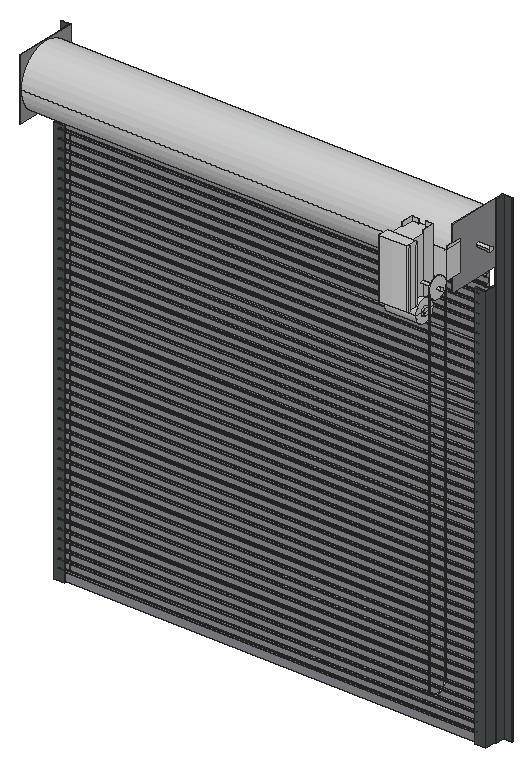
Revit family "Stormtite-Rolling-Steel-Service-Doors_OHD_Model-620_compact", category Specialty Equipment, host Wall, Revit 2023 (continued)
Definition of nested family "Motor"
  Definition of nested family "2D_NotScalableMain_29e791da-3db9-4234-ab15-44456784202b"
    Lines and regions (in)
      Masking region 4, in view "Ref. Level", visible <- "Top + Bench"
        outline origin (0, 0, 0) x (1, 0, 0) y (0, 1, 0)
          loop
            line (-6.9985, -0.96741) -> (-5.7485, -0.96741) -> (-5.7485, -0.30491) -> (-5.5274, -0.30491) -> (-5.5274, -1.76746) -> (-5.42825, -1.86661) -> (-4.5757, -1.86661) -> (-4.5757, -3.22517) -> (4.57, -3.22517) -> (4.57, -1.27241) -> (4.799, -1.27241) -> (4.799, -0.84111) -> (5.199, -0.84111) -> (5.199, 0.84111) -> (4.799, 0.84111) -> (4.799, 1.27241) -> (4.57, 1.27241) -> (4.57, 3.22034) -> (4.3324, 3.22034) -> (4.3324, 6.13) -> (7.2495, 6.13) -> (7.2495, 3.53) -> (7.52, 3.53) -> (7.52, 6.13) -> (8.82, 6.13) -> (8.82, 6.93) -> (7.52, 6.93) -> (7.52, 9.53) -> (7.2495, 9.53) -> (7.2495, 6.93) -> (4.3324, 6.93) -> (4.3324, 19.24819) -> (3.108, 19.24819) -> (3.108, 20.0298) -> (0.988, 20.0298) -> (0.988, 19.24819) -> (-0.988, 19.24819) -> (-0.988, 20.0298) -> (-3.108, 20.0298) -> (-3.108, 19.24819) -> (-4.3324, 19.24819) -> (-4.3324, 3.22517) -> (-4.5757, 3.22517) -> (-4.5757, 1.86661) -> (-5.42825, 1.86661) -> (-5.5274, 1.76746) -> (-5.5274, 0.30491) -> (-5.7485, 0.30491) -> (-5.7485, 0.96741) -> (-6.9985, 0.96741) -> (-6.9985, -0.96741)
      Masking region 5, in view "Ref. Level", visible <- "Top Mount"
        outline origin (0, 0, 0) x (1, 0, 0) y (0, 1, 0)
          loop
            line (4.3324, 14.55771) -> (4.3324, 6.93) -> (7.2495, 6.93) -> (7.2495, 14.55771) -> (7.1295, 14.55771) -> (7.1295, 15.55771) -> (6.8795, 15.55771) -> (6.8795, 14.55771) -> (4.3324, 14.55771)
      Masking region 6, in view "Ref. Level", visible <- "Wall Mount"
        outline origin (0, 0, 0) x (1, 0, 0) y (0, 1, 0)
          loop
            line (-4.988, 4.96193) -> (-3.108, 4.96193) -> (-3.108, 1.46193) -> (-2.988, 1.46193) -> (-2.988, 5.08193) -> (-4.988, 5.08193) -> (-4.988, 4.96193)
          loop
            line (2.988, 1.46193) -> (3.108, 1.46193) -> (3.108, 4.96193) -> (4.988, 4.96193) -> (4.988, 5.08193) -> (2.988, 5.08193) -> (2.988, 1.46193)
      Masking region 7, in view "Ref. Level", visible <- "Bench Mount"
        outline origin (0, 0, 0) x (1, 0, 0) y (0, 1, 0)
          loop
            line (-7.24, 9.2698) -> (-7.1205, 9.2698) -> (-7.1205, 9.1098) -> (-4.3324, 9.1098) -> (-4.3324, 17.4298) -> (-7.1205, 17.4298) -> (-7.1205, 17.2698) -> (-7.24, 17.2698) -> (-7.24, 9.2698)
      Masking region 8, in view "Ref. Level", visible <- "Chain Hoist"
        outline origin (0, -6.98957, 0) x (1, 0, 0) y (0, 1, 0)
          loop
            line (4.7396, 6.58957) -> (7.2495, 6.58957) -> (7.2495, 3.98957) -> (7.52, 3.98957) -> (7.52, 6.58957) -> (8.82, 6.58957) -> (8.82, 7.38957) -> (7.52, 7.38957) -> (7.52, 9.98957) -> (7.2495, 9.98957) -> (7.2495, 7.38957) -> (4.7396, 7.38957) -> (4.7396, 6.58957)
      reference lines, in view "Ref. Level"
        curve 1: line (0, 0, 0) -> (0, 0.125, 0)
        curve 2: line (0, 0, 0) -> (0.125, 0, 0)
      detail lines, in view "Ref. Level", visible <- "Not Top + Bench"
        curve 3: line (7.2495, 4.19, 0) -> (7.2495, -1.81, 0)
        curve 4: line (7.52, 4.19, 0) -> (7.52, -1.81, 0)
        curve 5: line (-4.134, -2.29347, 0) -> (-4.134, -5.05565, 0)
        curve 6: line (4.116, -2.29347, 0) -> (4.116, -5.05565, 0)
        curve 7: line (-4.134, -2.41307, 0) -> (4.116, -2.41307, 0)
        curve 8: line (4.116, -2.29347, 0) -> (3.108, -2.29347, 0)
        curve 9: line (2.988, -2.17347, 0) -> (2.988, 4.96193, 0)
        curve 10: line (2.988, 4.96193, 0) -> (-2.988, 4.96193, 0)
        curve 11: line (-2.988, 4.96193, 0) -> (-2.988, -2.17347, 0)
        curve 12: arc (-2.988, -2.17347, 0) -> (-3.02315, -2.25832, 0) -> (-3.108, -2.29347, 0) r 0.12
        curve 13: arc (3.108, -2.29347, 0) -> (3.02315, -2.25832, 0) -> (2.988, -2.17347, 0) r 0.12
        curve 14: line (4.57, -3.22517, 0) -> (4.57, 0.77483, 0)
        curve 15: line (4.799, -1.27241, 0) -> (4.799, 0.77483, 0)
        curve 16: line (5.199, -0.84111, 0) -> (5.199, 0.77483, 0)
        curve 17: line (-4.5757, -3.22517, 0) -> (-4.5757, 3.22517, 0)
        curve 18: line (-5.42825, -1.86661, 0) -> (-5.42825, 1.86661, 0)
        curve 19: line (-5.5274, 1.76746, 0) -> (-5.5274, -1.76746, 0)
        curve 20: line (-5.7485, -0.96741, 0) -> (-5.7485, 0.96741, 0)
        curve 25: line (-4.116, -2.29347, 0) -> (-3.108, -2.29347, 0)
        curve 26: line (5.199, 0.77483, 0) -> (2.988, 0.77483, 0)
        curve 27: line (4.57, 1.59, 0) -> (3.108, 1.59, 0)
      detail lines, in view "Ref. Level", visible <- "Fire King Face Mount"
        curve 21: circle (0, 1.59, 0) r 1.29967 normal (0, 0, 1)
        curve 22: circle (0, 1.59, 0) r 0.87193 normal (0, 0, 1)
        curve 23: line (-2.988, 7.80693, 0) -> (2.988, 7.80693, 0)
        curve 24: line (-2.988, 7.685, 0) -> (2.988, 7.685, 0)
      detail lines, in view "Ref. Level", visible <- "Top + Bench"
        curve 28: line (-4.5757, -3.22517, 0) -> (-4.5757, 3.22517, 0)
        curve 29: line (-5.42825, 1.86661, 0) -> (-5.42825, -1.86661, 0)
        curve 30: line (-5.5274, 1.76746, 0) -> (-5.5274, -1.76746, 0)
        curve 31: line (-5.7485, -0.96741, 0) -> (-5.7485, 0.96741, 0)
        curve 32: line (-4.3324, 1.8898, 0) -> (-4.3324, 19.24819, 0)
        curve 33: line (-4.3324, 1.8898, 0) -> (4.3324, 1.8898, 0)
        curve 34: line (4.3324, 1.8898, 0) -> (4.3324, 19.24819, 0)
        curve 35: line (4.57, 3.22517, 0) -> (4.57, -3.22517, 0)
        curve 36: line (4.799, 1.27241, 0) -> (4.799, -1.22759, 0)
        curve 41: line (2.988, 20.0298, 0) -> (2.988, 19.24819, 0)
        curve 42: line (-2.988, 20.0298, 0) -> (-2.988, 19.24819, 0)
        curve 43: line (-3.108, 19.24819, 0) -> (-0.988, 19.24819, 0)
        curve 44: line (0.988, 19.24819, 0) -> (3.108, 19.24819, 0)
      detail lines, in view "Ref. Level", visible <- "Chain Hoist"
        curve 37: line (7.2495, 3, 0) -> (7.2495, -3, 0)
        curve 38: line (7.52, -3, 0) -> (7.52, 3, 0)
      detail lines, in view "Ref. Level", visible <- "Bench Mount"
        curve 39: line (-7.1205, 17.4298, 0) -> (-7.1205, 9.1098, 0)
        curve 40: line (-6.9985, 17.4298, 0) -> (-6.9985, 9.1098, 0)
    Dimensions and locks (in)
      curve 1 to curve 1 = 1/8"
      curve 2 to curve 2 = 1/8"
      aligned and locked: plane 1 "Center (Front/Back)" to curve 1
      aligned and locked: plane 3 "Center (Left/Right)" to curve 1
      aligned and locked: plane 1 "Center (Front/Back)" to curve 2
Definition of nested family "620"
  Parameters (values of type "Standard - Gray")
    Void Offset [instance] = if(Integrated Cutout, 0", 1")  # 1"
    Void Height [instance] = if(and(C 275, Perforation), 1.16", if(and([F 265, FE 265], Perforation), 2.3", 1"))  # 1"
    Standard = yes
    Slat Width [instance] = if(Slat Option < 2, 0.53", if(Slat Option = 2, 0.88", 0.63"))  # 0.53"
    Slat Position + Offset [instance] = Slat Position + Cutout Vertical Offset  # 12.174"
    Slat Position [instance] = if(Slat Option < 2, 1.88" * 6, if(Slat Option = 2, 2 3/4" * 5, 2.63" * 5))  # 11.28"
    Slat Option [instance] = 1
    Rough Height = 0"
    Perforation = no
    Fenestration Small = no
    Fenestration Large = no
    Cutout Width Offset [instance] = 1"  # constant formula
    Cutout Material 2 = none
    Cutout Horizontal Offset [instance] = if(Slat Option = 2, 0.847", 1")  # 1"
    Cutout Material = none
    Panel Material = none
    Opening Width [instance] = 126"
    Cutout Vertical Offset [instance] = if(Slat Option = 2, 1.605", 0.894")  # 0.894"
    F 265, FE 265 [instance] = if(Slat Option > 2, 1 = 1, 1 = 2)  # no
    Default Elevation = 48"
    Integrated Cutout [instance] = if(and(or(Perforation, Fenestration Small), Slat Option > 1), 1 = 1, if(and(Fenestration Large, Slat Option > 2), 1 = 1, 1 = 2))  # no
    C 275 [instance] = if(Slat Option = 2, 1 = 1, 1 = 2)  # no
    C 187 Standard [instance] = if(Slat Option < 2, 1 = 1, 1 = 2)  # yes
    Analytic Construction = "<None>"
  Types (16): name | Standard | Perforation | Fenestration Small | Fenestration Large
    Standard - White | yes | no | no | no
    Standard - Tan | yes | no | no | no
    Standard - Brown | yes | no | no | no
    Standard - Gray | yes | no | no | no
    Perforated - Brown | no | yes | no | no
    Perforated - Gray | no | yes | no | no
    Perforated - Tan | no | yes | no | no
    Perforated - White | no | yes | no | no
    Fenestration Small - White | no | no | yes | no
    Fenestration Small - Tan | no | no | yes | no
    Fenestration Small - Gray | no | no | yes | no
    Fenestration Small - Brown | no | no | yes | no
    Fenestration Large - Brown | no | no | no | yes
    Fenestration Large - White | no | no | no | yes
    Fenestration Large - Tan | no | no | no | yes
    Fenestration Large - Gray | no | no | no | yes
  Reference planes (in)
    plane 1 "Center (Front/Back)": y = 0
    plane 2: z = 0
    plane 3 "Center (Left/Right)": x = 0
    plane 4: x = -63
    plane 5: x = 63
    plane 6: y = 0.53
    plane 7: y = 0
    plane 8: y = 0.265
    plane 9: y = 0.5
    plane 10: x = -62
    plane 11: x = 62
  Forms (in)
    Extrusion 1, solid, material <- "Panel Material", visible <- "F 265, FE 265"
      sketch origin (0, -4.98186, 13.12534) x (0, 1, 0) y (0, 0, 1)
        loop
          arc (5.02225, -13.3083) -> (5.02946, -13.359) -> (5.06714, -13.39369) r 0.07621
          line (5.06714, -13.39369) -> (5.48892, -13.52622)
          arc (5.48892, -13.52622) -> (5.57147, -13.52307) -> (5.61186, -13.45101) r 0.08448
          line (5.61186, -13.45101) -> (5.61186, -11.01166)
          arc (5.61186, -11.01166) -> (5.58856, -10.95542) -> (5.53233, -10.93213) r 0.07953
          line (5.53233, -10.93213) -> (5.07146, -10.90651)
          arc (5.07146, -10.90651) -> (5.05162, -10.89829) -> (5.0434, -10.87845) r 0.02806
          line (5.0434, -10.87845) -> (5.06714, -10.76816) -> (5.48892, -10.90069)
          arc (5.48892, -10.90069) -> (5.57147, -10.89754) -> (5.61186, -10.82548) r 0.08448
          line (5.61186, -10.82548) -> (5.61186, -8.38613)
          arc (5.61186, -8.38613) -> (5.58856, -8.32989) -> (5.53233, -8.3066) r 0.07953
          line (5.53233, -8.3066) -> (5.07145, -8.28099)
          arc (5.07145, -8.28099) -> (5.05162, -8.27278) -> (5.0434, -8.25295) r 0.02804
          line (5.0434, -8.25295) -> (5.06682, -8.14253) -> (5.48892, -8.27516)
          arc (5.48892, -8.27516) -> (5.57147, -8.27201) -> (5.61186, -8.19995) r 0.08448
          line (5.61186, -8.19995) -> (5.61186, -5.7606)
          arc (5.61186, -5.7606) -> (5.58856, -5.70436) -> (5.53233, -5.68106) r 0.07953
          line (5.53233, -5.68106) -> (5.07146, -5.65544)
          arc (5.07146, -5.65544) -> (5.05162, -5.64722) -> (5.0434, -5.62738) r 0.02806
          line (5.0434, -5.62738) -> (5.06714, -5.51709) -> (5.48892, -5.64963)
          arc (5.48892, -5.64963) -> (5.57147, -5.64648) -> (5.61186, -5.57441) r 0.08448
          line (5.61186, -5.57441) -> (5.61186, -3.13506)
          arc (5.61186, -3.13506) -> (5.58856, -3.07882) -> (5.53233, -3.05553) r 0.07953
          line (5.53233, -3.05553) -> (5.07145, -3.02992)
          arc (5.07145, -3.02992) -> (5.05162, -3.02171) -> (5.0434, -3.00188) r 0.02804
          line (5.0434, -3.00188) -> (5.06682, -2.89146) -> (5.48892, -3.02409)
          arc (5.48892, -3.02409) -> (5.57147, -3.02094) -> (5.61186, -2.94888) r 0.08448
          line (5.61186, -2.94888) -> (5.61186, -0.50953)
          arc (5.61186, -0.50953) -> (5.58856, -0.45329) -> (5.53233, -0.43) r 0.07953
          line (5.53233, -0.43) -> (5.07094, -0.40562)
          arc (5.07094, -0.40562) -> (5.05177, -0.39768) -> (5.04383, -0.37851) r 0.02711
          line (5.04383, -0.37851) -> (5.09718, -0.11725)
          arc (5.09718, -0.11725) -> (5.4945, 0.04334) -> (5.06596, 0.04602) r 0.21842
          line (5.06596, 0.04602) -> (4.98186, -0.36586)
          arc (4.98186, -0.36586) -> (4.99921, -0.43741) -> (5.06536, -0.46972) r 0.08656
          line (5.06536, -0.46972) -> (5.51923, -0.48958)
          arc (5.51923, -0.48958) -> (5.5423, -0.49909) -> (5.55186, -0.52214) r 0.03256
          line (5.55186, -0.52214) -> (5.55186, -2.94108)
          arc (5.55186, -2.94108) -> (5.53961, -2.96526) -> (5.51287, -2.9697) r 0.03
          line (5.51287, -2.9697) -> (5.0787, -2.83327) -> (5.09726, -2.74238)
          arc (5.09726, -2.74238) -> (5.49489, -2.58243) -> (5.06631, -2.57951) r 0.21842
          line (5.06631, -2.57951) -> (4.98186, -2.99139)
          arc (4.98186, -2.99139) -> (4.99921, -3.06294) -> (5.06536, -3.09526) r 0.08656
          line (5.06536, -3.09526) -> (5.51923, -3.11511)
          arc (5.51923, -3.11511) -> (5.5423, -3.12462) -> (5.55186, -3.14767) r 0.03256
          line (5.55186, -3.14767) -> (5.55186, -5.56661)
          arc (5.55186, -5.56661) -> (5.53961, -5.5908) -> (5.51287, -5.59523) r 0.03
          line (5.51287, -5.59523) -> (5.07902, -5.45891) -> (5.09752, -5.36831)
          arc (5.09752, -5.36831) -> (5.49485, -5.20773) -> (5.06631, -5.20505) r 0.21842
          line (5.06631, -5.20505) -> (4.98186, -5.61692)
          arc (4.98186, -5.61692) -> (4.99921, -5.68847) -> (5.06536, -5.72079) r 0.08656
          line (5.06536, -5.72079) -> (5.51923, -5.74064)
          arc (5.51923, -5.74064) -> (5.5423, -5.75015) -> (5.55186, -5.7732) r 0.03256
          line (5.55186, -5.7732) -> (5.55186, -8.19214)
          arc (5.55186, -8.19214) -> (5.53961, -8.21633) -> (5.51287, -8.22076) r 0.03
          line (5.51287, -8.22076) -> (5.0787, -8.08434) -> (5.09726, -7.99345)
          arc (5.09726, -7.99345) -> (5.49489, -7.83349) -> (5.06631, -7.83058) r 0.21842
          line (5.06631, -7.83058) -> (4.98186, -8.24245)
          arc (4.98186, -8.24245) -> (4.99921, -8.31401) -> (5.06536, -8.34632) r 0.08656
          line (5.06536, -8.34632) -> (5.51923, -8.36618)
          arc (5.51923, -8.36618) -> (5.5423, -8.37569) -> (5.55186, -8.39874) r 0.03256
          line (5.55186, -8.39874) -> (5.55186, -10.81768)
          arc (5.55186, -10.81768) -> (5.53961, -10.84186) -> (5.51287, -10.8463) r 0.03
          line (5.51287, -10.8463) -> (5.07902, -10.70997) -> (5.09752, -10.61938)
          arc (5.09752, -10.61938) -> (5.49485, -10.45879) -> (5.06631, -10.45611) r 0.21842
          line (5.06631, -10.45611) -> (4.98186, -10.86799)
          arc (4.98186, -10.86799) -> (4.99921, -10.93954) -> (5.06536, -10.97185) r 0.08656
          line (5.06536, -10.97185) -> (5.51923, -10.99171)
          arc (5.51923, -10.99171) -> (5.5423, -11.00122) -> (5.55186, -11.02427) r 0.03256
          line (5.55186, -11.02427) -> (5.55186, -13.44321)
          arc (5.55186, -13.44321) -> (5.53961, -13.46739) -> (5.51287, -13.47183) r 0.03
          line (5.51287, -13.47183) -> (5.0787, -13.3354) -> (5.09726, -13.24451)
          arc (5.09726, -13.24451) -> (5.49489, -13.08456) -> (5.06631, -13.08164) r 0.21842
          line (5.06631, -13.08164) -> (5.01978, -13.30779)
      from -63 to 63
    Extrusion 2, void
      sketch origin (0, 0, 0) x (0, 1, 0) y (0, 0, 1)
        loop
          line (1.47, 1.394) -> (1.47, 0.394) -> (1.53, 0.394) -> (1.53, 1.394) -> (1.47, 1.394)
        loop
          line (1.47, 3.65) -> (1.47, 2.65) -> (1.53, 2.65) -> (1.53, 3.65) -> (1.47, 3.65)
        loop
          line (1.47, 5.906) -> (1.47, 4.906) -> (1.53, 4.906) -> (1.53, 5.906) -> (1.47, 5.906)
        loop
          line (1.47, 8.162) -> (1.47, 7.162) -> (1.53, 7.162) -> (1.53, 8.162) -> (1.47, 8.162)
        loop
          line (1.47, 10.418) -> (1.47, 9.418) -> (1.53, 9.418) -> (1.53, 10.418) -> (1.47, 10.418)
      from -62 to 62
  Cuts and joins
    Extrusion 2 cuts Extrusion 1
  Lines and regions (in)
    reference lines
      curve 1: line (0, -4.98186, 12.78) -> (0, 9.9877, 12.78)
      curve 2: line (0, -2.86663, 12.174) -> (0, 7.63337, 12.174)
      curve 3: line (0, -2.86663, 9.918) -> (0, 7.63337, 9.918)
      curve 4: line (0, -2.86663, 7.662) -> (0, 7.63337, 7.662)
      curve 5: line (0, -2.86663, 5.406) -> (0, 7.63337, 5.406)
      curve 6: line (0, -2.86663, 0.894) -> (0, 7.63337, 0.894)
      curve 7: line (0, -2.86663, 3.15) -> (0, 7.63337, 3.15)
  Dimensions and locks (in)
    equal spacing: plane 4, plane 3 "Center (Left/Right)", plane 5
    "Opening Width": plane 4 to plane 5
    "Slat Width": plane 1 "Center (Front/Back)" to plane 6
    equal spacing: plane 1 "Center (Front/Back)", plane 8, plane 6
    locked: plane 9 to plane 6 at 0.03
    "Cutout Width Offset": plane 4 to plane 10
    "Cutout Width Offset": plane 5 to plane 11
    "Void Height": Extrusion 2 sketch curve to Extrusion 2 sketch curve  (x5)
    locked: Extrusion 2 sketch curve to Extrusion 2 sketch curve at 0.06  (x5)
    "Void Offset": plane 6 to Extrusion 2 sketch curve
    locked: curve 1 to level at 12.78
    "Slat Position": curve 6 to curve 2
    equal spacing: Extrusion 2 sketch curve, curve 3, Extrusion 2 sketch curve
    equal spacing: Extrusion 2 sketch curve, curve 4, Extrusion 2 sketch curve
    equal spacing: Extrusion 2 sketch curve, curve 6, Extrusion 2 sketch curve
    equal spacing: Extrusion 2 sketch curve, curve 5, Extrusion 2 sketch curve
    equal spacing: curve 6, curve 7, curve 5, curve 4, curve 3, curve 2
    equal spacing: Extrusion 2 sketch curve, curve 7, Extrusion 2 sketch curve
    "Cutout Vertical Offset": curve 6 to plane 2
    aligned and locked: plane 2 to level
    aligned and locked: plane 1 "Center (Front/Back)" to plane 7
    aligned and locked: plane 5 to Extrusion 1
    aligned and locked: plane 4 to Extrusion 1
    aligned and locked: plane 9 to nested 1
    aligned and locked: plane 3 "Center (Left/Right)" to nested 1
    aligned and locked: Extrusion 2 sketch curve to Extrusion 2 sketch curve  (x4)
    aligned and locked: plane 10 to Extrusion 2
    aligned and locked: plane 11 to Extrusion 2
    aligned and locked: plane 3 "Center (Left/Right)" to nested 2
    aligned and locked: plane 3 "Center (Left/Right)" to nested 3
    aligned and locked: plane 3 "Center (Left/Right)" to nested 4
    aligned and locked: plane 3 "Center (Left/Right)" to nested 5
    aligned and locked: plane 9 to nested 2
    aligned and locked: plane 9 to nested 3
    aligned and locked: plane 9 to nested 4
    aligned and locked: plane 9 to nested 5
  Automatic sketch dimensions
    curve 1 to Extrusion 1 sketch curve = 4.98186"  (x2)
    Extrusion 1 sketch curve to Extrusion 1 sketch curve = 0"  (x4)
    curve 1 to Extrusion 1 sketch curve = 0.02051"
    curve 1 to Extrusion 1 sketch curve = 2.64604"
    Extrusion 1 sketch curve to Extrusion 1 sketch curve = 0.06154"  (x4)
    curve 1 to Extrusion 1 sketch curve = 0.03317"
    Extrusion 1 sketch curve to Extrusion 1 sketch curve = 0.06197"
    curve 1 to Extrusion 1 sketch curve = 0.12438"
    Extrusion 1 sketch curve to Extrusion 1 sketch curve = 0.02153"
    Extrusion 1 sketch curve to Extrusion 1 sketch curve = 0.02196"  (x4)
    curve 1 to Extrusion 1 sketch curve = 2.74991"
    Extrusion 1 sketch curve to curve 1 = 0.39136"
    Extrusion 1 sketch curve to Extrusion 1 sketch curve = 0.0841"
    Extrusion 1 sketch curve to Extrusion 1 sketch curve = 0.02327"  (x4)
    Extrusion 1 sketch curve to Extrusion 1 sketch curve = 3/128"  (x2)
    Extrusion 1 sketch curve to Extrusion 1 sketch curve = 0.02374"  (x2)
    Extrusion 1 sketch curve to Extrusion 1 sketch curve = 0.00178"
    curve 1 to Extrusion 1 sketch curve = 0.06028"
    curve 1 to Extrusion 1 sketch curve = 2.68458"
    Extrusion 1 sketch curve to Extrusion 1 sketch curve = 0.00478"  (x2)
    Extrusion 1 sketch curve to Extrusion 1 sketch curve = 0.00479"  (x2)
    Extrusion 1 sketch curve to Extrusion 1 sketch curve = 0.01188"  (x4)
    curve 1 to Extrusion 1 sketch curve = 2.48793"
    Extrusion 1 sketch curve to Extrusion 1 sketch curve = 0.01156"
    Extrusion 1 sketch curve to Extrusion 1 sketch curve = 0.01822"
    Extrusion 1 sketch curve to curve 1 = 0.2281"
    Extrusion 1 sketch curve to Extrusion 1 sketch curve = 0.03122"
    curve 1 to Extrusion 1 sketch curve = 2.39704"
    Extrusion 1 sketch curve to Extrusion 1 sketch curve = 0.01856"  (x2)
    Extrusion 1 sketch curve to Extrusion 1 sketch curve = 0.00034"  (x6)
    Extrusion 1 sketch curve to Extrusion 1 sketch curve = 0.0185"  (x2)
    Extrusion 1 sketch curve to Extrusion 1 sketch curve = 0.18279"  (x3)
    Extrusion 1 sketch curve to Extrusion 1 sketch curve = 0.18305"  (x3)
    Extrusion 1 sketch curve to Extrusion 1 sketch curve = 0.41746"  (x2)
    Extrusion 1 sketch curve to Extrusion 1 sketch curve = 0.392"
    Extrusion 1 sketch curve to Extrusion 1 sketch curve = 0.41747"  (x2)
    curve 1 to Extrusion 1 sketch curve = 2.67875"
    Extrusion 1 sketch curve to Extrusion 1 sketch curve = 0.02395"  (x5)
    curve 1 to Extrusion 1 sketch curve = 2.62435"
    Extrusion 1 sketch curve to Extrusion 1 sketch curve = 0.03031"  (x4)
    curve 1 to Extrusion 1 sketch curve = 0.14423"
    Extrusion 1 sketch curve to Extrusion 1 sketch curve = 0.45387"
    Extrusion 1 sketch curve to Extrusion 1 sketch curve = 0.00007"  (x5)
    Extrusion 1 sketch curve to Extrusion 1 sketch curve = 0.00899"  (x5)
    Extrusion 1 sketch curve to Extrusion 1 sketch curve = 0.00552"  (x5)
    Extrusion 1 sketch curve to Extrusion 1 sketch curve = 0.04341"  (x3)
    Extrusion 1 sketch curve to Extrusion 1 sketch curve = 0.01303"  (x2)
    curve 1 to Extrusion 1 sketch curve = 2.71019"
    Extrusion 1 sketch curve to Extrusion 1 sketch curve = 5/256"  (x2)
    Extrusion 1 sketch curve to Extrusion 1 sketch curve = 0.02448"  (x3)
    Extrusion 1 sketch curve to Extrusion 1 sketch curve = 0.06"  (x5)
    Extrusion 1 sketch curve to Extrusion 1 sketch curve = 0.01261"  (x2)
    Extrusion 1 sketch curve to Extrusion 1 sketch curve = 2.10108"  (x4)
    Extrusion 1 sketch curve to Extrusion 1 sketch curve = 0.11957"  (x2)
    Extrusion 1 sketch curve to Extrusion 1 sketch curve = 0.09059"  (x2)
    Extrusion 1 sketch curve to Extrusion 1 sketch curve = 0.05819"  (x4)
    Extrusion 1 sketch curve to Extrusion 1 sketch curve = 1/128"  (x4)
    Extrusion 1 sketch curve to Extrusion 1 sketch curve = 0.09983"  (x2)
    Extrusion 1 sketch curve to Extrusion 1 sketch curve = 0.01046"  (x2)
    Extrusion 1 sketch curve to Extrusion 1 sketch curve = 0.00686"  (x2)
    Extrusion 1 sketch curve to Extrusion 1 sketch curve = 0.03144"  (x3)
    Extrusion 1 sketch curve to Extrusion 1 sketch curve = 0.01995"  (x3)
    Extrusion 1 sketch curve to Extrusion 1 sketch curve = 0.11917"  (x3)
    Extrusion 1 sketch curve to Extrusion 1 sketch curve = 0.09089"
    Extrusion 1 sketch curve to Extrusion 1 sketch curve = 0.09993"
    Extrusion 1 sketch curve to Extrusion 1 sketch curve = 0.01049"
    Extrusion 1 sketch curve to Extrusion 1 sketch curve = 0.00683"
    Extrusion 1 sketch curve to Extrusion 1 sketch curve = 0.07903"
    Extrusion 1 sketch curve to Extrusion 1 sketch curve = 0.01186"
    Extrusion 1 sketch curve to Extrusion 1 sketch curve = 0.05829"
    Extrusion 1 sketch curve to Extrusion 1 sketch curve = 0.05892"
    Extrusion 1 sketch curve to Extrusion 1 sketch curve = 0.00247"
    curve 1 to Extrusion 1 sketch curve = 4.8597"
    Extrusion 1 sketch curve to Extrusion 1 sketch curve = 0.0313"  (x2)
    Extrusion 1 sketch curve to Extrusion 1 sketch curve = 0.03156"
    curve 1 to Extrusion 1 sketch curve = 2.23417"
    Extrusion 1 sketch curve to Extrusion 1 sketch curve = 0.0005"
    plane 1 "Center (Front/Back)" to curve 1 = 4.98186"
    plane 1 "Center (Front/Back)" to curve 7 = 2.86663"
    curve 1 to curve 2 = 2.11523"
    curve 5 to curve 7 = 0"
    curve 3 to curve 2 = 0"  (x2)
    curve 6 to curve 7 = 0"
    curve 4 to curve 3 = 0"
    curve 2 to plane 6 = 7.10337"
    curve 5 to plane 6 = 7.10337"
    curve 4 to curve 5 = 0"
    curve 6 to curve 5 = 0"
    curve 7 to curve 5 = 0"
    curve 2 to curve 1 = 2.35433"
  Nested families (in)
    nested 1: "Perforation" at (0, 0.5, 0.894), visible <- "Integrated Cutout", type "Perforation"
      with Opening Width 126", Offset 1"
    nested 2: "Perforation" at (0, 0.5, 3.15), visible <- "Integrated Cutout", type "Perforation"
      with Opening Width 126", Offset 1"
    nested 3: "Perforation" at (0, 0.5, 5.406), visible <- "Integrated Cutout", type "Perforation"
      with Opening Width 126", Offset 1"
    nested 4: "Perforation" at (0, 0.5, 7.662), visible <- "Integrated Cutout", type "Perforation"
      with Opening Width 126", Offset 1"
    nested 5: "Perforation" at (0, 0.5, 9.918), visible <- "Integrated Cutout", type "Perforation"
      with Opening Width 126", Offset 1"
  Definition of nested family "Perforation"
    Parameters (values of type "Perforation")
      Perforation = none
      Opening Width = 123 5/8"
      Offset = 2"
      Height = 1"
      Default Elevation = 48"
    Reference planes (in)
      plane 1 "Center (Front/Back)": y = 0
      plane 2: z = 0
      plane 3 "Center (Left/Right)": x = 0
      plane 4: z = 0.5
      plane 5: z = -0.5
      plane 6: y = -0.03
      plane 7: y = 0.03
      plane 8: x = -61.8125
      plane 9: x = 61.8125
      plane 10: x = -59.8125
      plane 11: x = 59.8125
    Forms (in)
      Extrusion 1, solid, material <- "Perforation"
        sketch origin (0, -0.19, 0) x (0, 1, 0) y (0, 0, 1)
          loop
            line (0.16, 0.5) -> (0.16, -0.5) -> (0.22, -0.5) -> (0.22, 0.5) -> (0.16, 0.5)
        from -59.8125 to 59.8125
    Dimensions and locks (in)
      equal spacing: plane 4, level, plane 5
      "Height": plane 4 to plane 5
      equal spacing: plane 6, plane 1 "Center (Front/Back)", plane 7
      locked: plane 6 to plane 7 at 0.06
      "Opening Width": plane 8 to plane 9
      "Offset": plane 8 to plane 10
      "Offset": plane 9 to plane 11
      equal spacing: plane 8, plane 3 "Center (Left/Right)", plane 9
      aligned and locked: plane 2 to level
      aligned and locked: plane 4 to Extrusion 1
      aligned and locked: Extrusion 1 to plane 5
      aligned and locked: plane 6 to Extrusion 1
      aligned and locked: plane 7 to Extrusion 1
      aligned and locked: Extrusion 1 to plane 10
      aligned and locked: plane 11 to Extrusion 1
    Automatic sketch dimensions
      Extrusion 1 sketch curve to level = 1/2"
      plane 1 "Center (Front/Back)" to Extrusion 1 sketch curve = 0.03"
      Extrusion 1 sketch curve to plane 1 "Center (Front/Back)" = 0.03"
      plane 4 to Extrusion 1 sketch curve = 0"
Definition of nested family "Label Annotation 1"
  Parameters (values of type "Label Annotation 1-8")
    Label = "Area is too big. Please reduce Door Size."
  Reference planes (in)
    plane 1: y = 0
    plane 2: x = 0
  Text (in)
    label "Label" at (0.00375, -0.00345, 0), shows "Label"
Definition of nested family "Warning Sign"
  Parameters (values of type "Warning Sign")
    Warning Sign [instance] = no
    Default Elevation = 48"
  Reference planes (in)
    plane 1 "Center (Front/Back)": y = 0
    plane 2: z = 0
    plane 3 "Center (Left/Right)": x = 0
    plane 4: y = 0.5
    plane 5: y = -0.5
    plane 6: y = 1
    plane 7: y = 0.25
  Lines and regions (in)
    model lines
      curve 1: line (-2.26129, 1, 45.69444) -> (-26.3817, 1, 3.91667)
      curve 2: line (-25.25106, 1, 3.26389) -> (-1.13064, 1, 45.04167)
      curve 3: arc (2.26129, 1, 45.69444) -> (0, 1, 47) -> (-2.26129, 1, 45.69444) r 2.61111
      curve 4: arc (-1.13064, 1, 45.04167) -> (0, 1, 45.69444) -> (1.13064, 1, 45.04167) r 1.30556
      curve 5: line (1.13064, 1, 45.04167) -> (25.25106, 1, 3.26389)
      curve 6: line (26.3817, 1, 3.91667) -> (2.26129, 1, 45.69444)
      curve 7: arc (25.25106, 1, 3.26389) -> (25.25106, 1, 1.95833) -> (24.12041, 1, 1.30556) r 1.30556
      curve 8: arc (24.12041, 1, 0) -> (26.3817, 1, 1.30556) -> (26.3817, 1, 3.91667) r 2.61111
      curve 9: line (24.12041, 1, 1.30556) -> (-24.12041, 1, 1.30556)
      curve 10: line (-24.12041, 1, 0) -> (24.12041, 1, 0)
      curve 11: arc (-24.12041, 1, 1.30556) -> (-25.25106, 1, 1.95833) -> (-25.25106, 1, 3.26389) r 1.30556
      curve 12: arc (-26.3817, 1, 3.91667) -> (-26.3817, 1, 1.30556) -> (-24.12041, 1, 0) r 2.61111
      curve 13: arc (-2.29479, 1, 8.63537) -> (0, 1, 6.34057) -> (2.29479, 1, 8.63537) r 2.29479
      curve 14: arc (2.29479, 1, 8.63537) -> (0, 1, 10.93016) -> (-2.29479, 1, 8.63537) r 2.29479
      curve 15: arc (-1.6331, 1, 13.97069) -> (0.03439, 1, 12.53727) -> (1.69278, 1, 13.98121) r 1.68043
      curve 16: line (-3.77413, 1, 28.37873) -> (-1.6331, 1, 13.97069)
      curve 17: line (1.69278, 1, 13.98121) -> (3.73924, 1, 28.37873)
      curve 18: arc (3.73924, 1, 28.37873) -> (-0.01745, 1, 32.13541) -> (-3.77413, 1, 28.37873) r 3.75668
      curve 19: line (-2.26129, -0.5, 45.69444) -> (-26.3817, -0.5, 3.91667)
      curve 20: line (-25.25106, -0.5, 3.26389) -> (-1.13064, -0.5, 45.04167)
      curve 21: arc (2.26129, -0.5, 45.69444) -> (0, -0.5, 47) -> (-2.26129, -0.5, 45.69444) r 2.61111
      curve 22: arc (-1.13064, -0.5, 45.04167) -> (0, -0.5, 45.69444) -> (1.13064, -0.5, 45.04167) r 1.30556
      curve 23: line (1.13064, -0.5, 45.04167) -> (25.25106, -0.5, 3.26389)
      curve 24: line (26.3817, -0.5, 3.91667) -> (2.26129, -0.5, 45.69444)
      curve 25: arc (25.25106, -0.5, 3.26389) -> (25.25106, -0.5, 1.95833) -> (24.12041, -0.5, 1.30556) r 1.30556
      curve 26: arc (24.12041, -0.5, 0) -> (26.3817, -0.5, 1.30556) -> (26.3817, -0.5, 3.91667) r 2.61111
      curve 27: line (24.12041, -0.5, 1.30556) -> (-24.12041, -0.5, 1.30556)
      curve 28: line (-24.12041, -0.5, 0) -> (24.12041, -0.5, 0)
      curve 29: arc (-24.12041, -0.5, 1.30556) -> (-25.25106, -0.5, 1.95833) -> (-25.25106, -0.5, 3.26389) r 1.30556
      curve 30: arc (-26.3817, -0.5, 3.91667) -> (-26.3817, -0.5, 1.30556) -> (-24.12041, -0.5, 0) r 2.61111
      curve 31: arc (-2.29479, -0.5, 8.63537) -> (0, -0.5, 6.34057) -> (2.29479, -0.5, 8.63537) r 2.29479
      curve 32: arc (2.29479, -0.5, 8.63537) -> (0, -0.5, 10.93016) -> (-2.29479, -0.5, 8.63537) r 2.29479
      curve 33: arc (-1.6331, -0.5, 13.97069) -> (0.03439, -0.5, 12.53727) -> (1.69278, -0.5, 13.98121) r 1.68043
      curve 34: line (-3.77413, -0.5, 28.37873) -> (-1.6331, -0.5, 13.97069)
      curve 35: line (1.69278, -0.5, 13.98121) -> (3.73924, -0.5, 28.37873)
      curve 36: arc (3.73924, -0.5, 28.37873) -> (-0.01745, -0.5, 32.13541) -> (-3.77413, -0.5, 28.37873) r 3.75668
  Dimensions and locks (in)
    locked: plane 1 "Center (Front/Back)" to plane 4 at 0.5
    equal spacing: plane 1 "Center (Front/Back)", plane 7, plane 4
    locked: plane 4 to plane 6 at 0.5
    locked: plane 5 to plane 1 "Center (Front/Back)" at 0.5
    aligned and locked: plane 2 to level
  Automatic sketch dimensions
    curve 21 to curve 22 = 0"  (x2)
    curve 25 to curve 26 = 0"  (x2)
    curve 29 to curve 30 = 0"  (x2)
    curve 31 to curve 32 = 0"  (x2)
    curve 21 to plane 3 "Center (Left/Right)" = 0"
    curve 31 to plane 3 "Center (Left/Right)" = 0"
    curve 30 to level = 0"
    level to curve 27 = 1.30556"
    curve 26 to curve 27 = 1.30556"
    curve 29 to curve 27 = 1.30556"
    curve 23 to curve 25 = 0.65278"
    curve 20 to curve 29 = 0.65278"
    curve 24 to curve 23 = 0.65278"
    curve 19 to curve 20 = 0.65278"
    level to curve 32 = 8.63537"
    curve 34 to plane 3 "Center (Left/Right)" = 1.6331"
    curve 34 to curve 31 = 5.33532"
    plane 3 "Center (Left/Right)" to curve 35 = 1.69278"
    curve 35 to curve 34 = 0.01052"
    plane 3 "Center (Left/Right)" to curve 33 = 0.02908"
    curve 36 to plane 3 "Center (Left/Right)" = 0.01745"
    curve 36 to curve 33 = 14.16104"
    curve 22 to curve 36 = 16.01016"
    plane 3 "Center (Left/Right)" to curve 23 = 1.13064"
    curve 23 to curve 21 = 0.65278"
    curve 20 to plane 3 "Center (Left/Right)" = 1.13064"
    plane 3 "Center (Left/Right)" to curve 24 = 2.26129"
    curve 24 to curve 22 = 0.65278"
    curve 19 to plane 3 "Center (Left/Right)" = 2.26129"
    curve 34 to curve 36 = 3.75668"
    curve 30 to plane 3 "Center (Left/Right)" = 24.12041"
    plane 3 "Center (Left/Right)" to curve 25 = 24.12041"
    curve 31 to curve 31 = 2.29479"
    curve 3 to curve 4 = 0"  (x2)
    curve 7 to curve 8 = 0"  (x2)
    curve 11 to curve 12 = 0"  (x2)
    curve 13 to curve 14 = 0"  (x2)
    curve 3 to plane 3 "Center (Left/Right)" = 0"
    curve 13 to plane 3 "Center (Left/Right)" = 0"
    curve 12 to level = 0"
    level to curve 9 = 1.30556"
    curve 8 to curve 9 = 1.30556"
    curve 11 to curve 9 = 1.30556"
    curve 5 to curve 7 = 0.65278"
    curve 2 to curve 11 = 0.65278"
    curve 6 to curve 5 = 0.65278"
    curve 1 to curve 2 = 0.65278"
    level to curve 14 = 8.63537"
    curve 16 to plane 3 "Center (Left/Right)" = 1.6331"
    curve 16 to curve 13 = 5.33532"
    plane 3 "Center (Left/Right)" to curve 17 = 1.69278"
    curve 17 to curve 16 = 0.01052"
    plane 3 "Center (Left/Right)" to curve 15 = 0.02908"
    curve 18 to plane 3 "Center (Left/Right)" = 0.01745"
    curve 18 to curve 15 = 14.16104"
    curve 4 to curve 18 = 16.01016"
    plane 3 "Center (Left/Right)" to curve 5 = 1.13064"
    curve 5 to curve 3 = 0.65278"
    curve 2 to plane 3 "Center (Left/Right)" = 1.13064"
    plane 3 "Center (Left/Right)" to curve 6 = 2.26129"
    curve 6 to curve 4 = 0.65278"
    curve 1 to plane 3 "Center (Left/Right)" = 2.26129"
    curve 16 to curve 18 = 3.75668"
    curve 12 to plane 3 "Center (Left/Right)" = 24.12041"
    plane 3 "Center (Left/Right)" to curve 7 = 24.12041"
    curve 13 to curve 13 = 2.29479"
Types (6): name | Voltage | Operator Visibility | Number of Poles | Material Finish | Hood Offset | Headroom Height Real | Headroom Height | Door Height True | Door Height (Real) | Floor To (CL) of Shaft | Chain Hoist or Manual | Connector Array | Calculated Area | Apparent Load Phase 3 | Apparent Load Phase 2 | Apparent Load Phase 1
  115 volts, one phase, 60 Hz (110-120V range) | 115 V | yes | 1 | 620 : Standard - Gray | 5" | 23" | 23" | 143" | 125" | 134" | no | 3 | 104.601 SF | 0 VA | 0 VA | 2300 VA
  Chain Hoist | 115 V | yes | 1 | 620 : Standard - White | 3" | 21" | 21" | 141" | 123" | 132" | yes | 2 | 102.927 SF | 0 VA | 0 VA | 2300 VA
  Manual push-up | 115 V | no | 1 | 620 : Standard - White | 3" | 21" | 21" | 141" | 123" | 132" | yes | 2 | 102.927 SF | 0 VA | 0 VA | 2300 VA
  230 volts, single phase, 60 Hz (208-245V range) | 230 V | yes | 1 | 620 : Standard - Gray | 5" | 23" | 23" | 143" | 125" | 134" | no | 3 | 104.601 SF | 0 VA | 0 VA | 4600 VA
  230 volts, three phase, 60 Hz (208-245V range) | 230 V | yes | 3 | 620 : Standard - Gray | 5" | 23" | 23" | 143" | 125" | 134" | no | 3 | 104.601 SF | 2655.81 VA | 2655.81 VA | 2655.81 VA
  460 volts, three phase, 60 Hz (456-495V range) | 460 V | yes | 3 | 620 : Standard - Gray | 5" | 23" | 23" | 143" | 125" | 134" | no | 3 | 104.601 SF | 5311.62 VA | 5311.62 VA | 5311.62 VA
